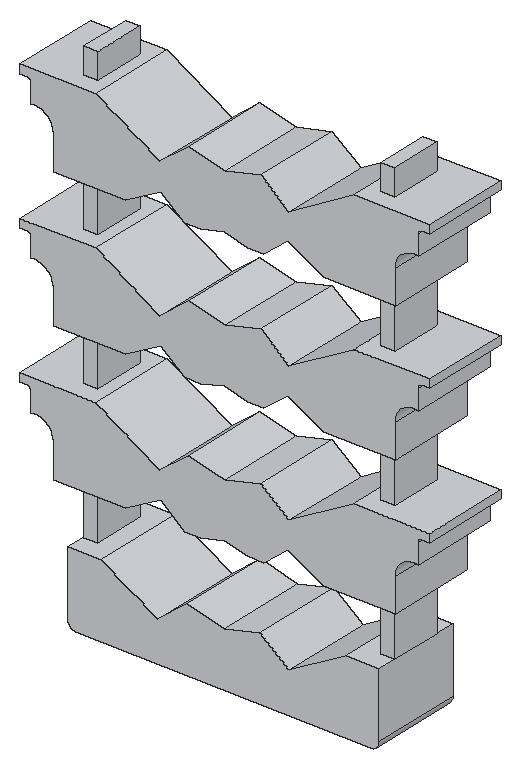
Revit family "550-2113", category Pipe Accessories, Revit 2017
Family settings
  Round Connector Dimension = Use Diameter
  Part Type = Normal
  Work Plane-Based = No
  Always vertical = Yes
  Cut with Voids When Loaded = No
  Shared = No
Parameters
  URL = "WWW.SIOUXCHIEF.COM"
  Spread Distance 3 [instance] = 0.500"
  Spread Distance 2 [instance] = 0.500"
  Spread Distance [instance] = 0.500"
  Model = "550-2113"
  Manufacturer = "SIOUX CHIEF MANUFACTURING, INC."
  Description = "TD+ UNIVERSAL CLAMPS"
Reference planes (in)
  plane 1 "Center (Front/Back)": y = 0
  plane 2: z = 0
  plane 3 "Center (Left/Right)": x = 0
Forms (in)
  Extrusion 1, solid
    sketch origin (0, 0, 0) x (1, 0, 0) y (0, 1, 0)
      loop
        line (-1.4375, 0.24262) -> (-1.4375, -0.24262) -> (-1.3125, -0.24262) -> (-1.3125, 0.24262) -> (-1.4375, 0.24262)
    from 0.679 to 4.75
  Extrusion 2, solid
    sketch origin (0, 0, 0) x (-1, 0, 0) y (0, -1, 0)
      loop
        line (-1.4375, -0.24262) -> (-1.3125, -0.24262) -> (-1.3125, 0.24262) -> (-1.4375, 0.24262) -> (-1.4375, -0.24262)
    from 0.679 to 4.75
  Extrusion 3, solid
    sketch origin (0, 0.39993, 0) x (1, 0, 0) y (0, 0, 1)
      loop
        arc (1.365, 0) -> (1.4162, 0.0212) -> (1.4374, 0.0724) r 0.0724
        line (1.4374, 0.0724) -> (1.4374, 0.679) -> (1.1346, 0.679) -> (0.6041, 0.3762) -> (0.3361, 0.5915) -> (0, 0.50643) -> (-0.3361, 0.5915) -> (-0.6041, 0.3762) -> (-1.1346, 0.679) -> (-1.4374, 0.679) -> (-1.4374, 0.0724)
        arc (-1.4374, 0.0724) -> (-1.4162, 0.0212) -> (-1.365, 0) r 0.0724
        line (-1.365, 0) -> (1.365, 0)
    from -0.02514 to 0.825
  Extrusion 4, solid
    sketch origin (0, 0.25, -0.04989) x (1, 0, 0) y (0, 0, 1)
      loop
        line (-0.00363, 1.28449) -> (0.2179, 1.22889) -> (0.3651, 1.22889) -> (0.5873, 1.41219) -> (0.9151, 1.22889) -> (1.5817, 1.22889) -> (1.5817, 1.54282)
        arc (1.5817, 1.54282) -> (1.64704, 1.67873) -> (1.794, 1.71259) r 0.17403
        line (1.794, 1.71259) -> (1.794, 1.90206)
        arc (1.794, 1.90206) -> (1.80256, 1.92273) -> (1.82323, 1.93129) r 0.02923
        line (1.82323, 1.93129) -> (1.894, 1.93129) -> (1.894, 2.00699) -> (1.1924, 2.00699) -> (0.5952, 1.65979) -> (0.3319, 1.87079) -> (0, 1.78749) -> (-0.3319, 1.87079) -> (-0.5952, 1.65979) -> (-1.1924, 2.00699) -> (-1.894, 2.00699) -> (-1.894, 1.93129) -> (-1.82323, 1.93129)
        arc (-1.82323, 1.93129) -> (-1.80256, 1.92273) -> (-1.794, 1.90206) r 0.02923
        line (-1.794, 1.90206) -> (-1.794, 1.71259)
        arc (-1.794, 1.71259) -> (-1.64704, 1.67873) -> (-1.5817, 1.54282) r 0.17403
        line (-1.5817, 1.54282) -> (-1.5817, 1.22889) -> (-0.9151, 1.22889) -> (-0.5873, 1.41219) -> (-0.3651, 1.22889) -> (-0.2179, 1.22889) -> (0, 1.28357)
    from -0.1625 to 0.6625
  Extrusion 5, solid, not visible
    sketch origin (0, 0.25, 0) x (1, 0, 0) y (0, 0, 1)
      loop
        line (-0.00363, 1.28449) -> (0.2179, 1.22889) -> (0.3651, 1.22889) -> (0.5873, 1.41219) -> (0.9151, 1.22889) -> (1.5817, 1.22889) -> (1.5817, 1.54282)
        arc (1.5817, 1.54282) -> (1.64704, 1.67873) -> (1.794, 1.71259) r 0.17403
        line (1.794, 1.71259) -> (1.794, 1.90206)
        arc (1.794, 1.90206) -> (1.80256, 1.92273) -> (1.82323, 1.93129) r 0.02923
        line (1.82323, 1.93129) -> (1.894, 1.93129) -> (1.894, 2.00699) -> (1.1924, 2.00699) -> (0.5952, 1.65979) -> (0.3319, 1.87079) -> (0, 1.78749) -> (-0.3319, 1.87079) -> (-0.5952, 1.65979) -> (-1.1924, 2.00699) -> (-1.894, 2.00699) -> (-1.894, 1.93129) -> (-1.82323, 1.93129)
        arc (-1.82323, 1.93129) -> (-1.80256, 1.92273) -> (-1.794, 1.90206) r 0.02923
        line (-1.794, 1.90206) -> (-1.794, 1.71259)
        arc (-1.794, 1.71259) -> (-1.64704, 1.67873) -> (-1.5817, 1.54282) r 0.17403
        line (-1.5817, 1.54282) -> (-1.5817, 1.22889) -> (-0.9151, 1.22889) -> (-0.5873, 1.41219) -> (-0.3651, 1.22889) -> (-0.2179, 1.22889) -> (0, 1.28357)
    from -0.1625 to 0.6625
  Extrusion 6, solid, not visible
    sketch origin (0, 0, 0) x (1, 0, 0) y (0, 1, 0)
      loop
        line (-1.4375, 0.24262) -> (-1.4375, -0.24262) -> (-1.3125, -0.24262) -> (-1.3125, 0.24262) -> (-1.4375, 0.24262)
    from 0.679 to 4.75
  Extrusion 7, solid, not visible
    sketch origin (0, 0, 0) x (-1, 0, 0) y (0, -1, 0)
      loop
        line (-1.4375, -0.24262) -> (-1.3125, -0.24262) -> (-1.3125, 0.24262) -> (-1.4375, 0.24262) -> (-1.4375, -0.24262)
    from 0.679 to 4.75
  Extrusion 8, solid, not visible
    sketch origin (0, 0.39993, 0) x (1, 0, 0) y (0, 0, 1)
      loop
        arc (1.365, 0) -> (1.4162, 0.0212) -> (1.4374, 0.0724) r 0.0724
        line (1.4374, 0.0724) -> (1.4374, 0.679) -> (1.1346, 0.679) -> (0.6041, 0.3762) -> (0.3361, 0.5915) -> (0, 0.50643) -> (-0.3361, 0.5915) -> (-0.6041, 0.3762) -> (-1.1346, 0.679) -> (-1.4374, 0.679) -> (-1.4374, 0.0724)
        arc (-1.4374, 0.0724) -> (-1.4162, 0.0212) -> (-1.365, 0) r 0.0724
        line (-1.365, 0) -> (1.365, 0)
    from -0.02514 to 0.825
  Extrusion 9, solid
    sketch origin (0, 0.25, 1.22821) x (1, 0, 0) y (0, 0, 1)
      loop
        line (-0.00363, 1.28449) -> (0.2179, 1.22889) -> (0.3651, 1.22889) -> (0.5873, 1.41219) -> (0.9151, 1.22889) -> (1.5817, 1.22889) -> (1.5817, 1.54282)
        arc (1.5817, 1.54282) -> (1.64704, 1.67873) -> (1.794, 1.71259) r 0.17403
        line (1.794, 1.71259) -> (1.794, 1.90206)
        arc (1.794, 1.90206) -> (1.80256, 1.92273) -> (1.82323, 1.93129) r 0.02923
        line (1.82323, 1.93129) -> (1.894, 1.93129) -> (1.894, 2.00699) -> (1.1924, 2.00699) -> (0.5952, 1.65979) -> (0.3319, 1.87079) -> (0, 1.78749) -> (-0.3319, 1.87079) -> (-0.5952, 1.65979) -> (-1.1924, 2.00699) -> (-1.894, 2.00699) -> (-1.894, 1.93129) -> (-1.82323, 1.93129)
        arc (-1.82323, 1.93129) -> (-1.80256, 1.92273) -> (-1.794, 1.90206) r 0.02923
        line (-1.794, 1.90206) -> (-1.794, 1.71259)
        arc (-1.794, 1.71259) -> (-1.64704, 1.67873) -> (-1.5817, 1.54282) r 0.17403
        line (-1.5817, 1.54282) -> (-1.5817, 1.22889) -> (-0.9151, 1.22889) -> (-0.5873, 1.41219) -> (-0.3651, 1.22889) -> (-0.2179, 1.22889) -> (0, 1.28357)
    from -0.1625 to 0.6625
  Extrusion 10, solid
    sketch origin (0, 0.25, 2.50631) x (1, 0, 0) y (0, 0, 1)
      loop
        line (-0.00363, 1.28449) -> (0.2179, 1.22889) -> (0.3651, 1.22889) -> (0.5873, 1.41219) -> (0.9151, 1.22889) -> (1.5817, 1.22889) -> (1.5817, 1.54282)
        arc (1.5817, 1.54282) -> (1.64704, 1.67873) -> (1.794, 1.71259) r 0.17403
        line (1.794, 1.71259) -> (1.794, 1.90206)
        arc (1.794, 1.90206) -> (1.80256, 1.92273) -> (1.82323, 1.93129) r 0.02923
        line (1.82323, 1.93129) -> (1.894, 1.93129) -> (1.894, 2.00699) -> (1.1924, 2.00699) -> (0.5952, 1.65979) -> (0.3319, 1.87079) -> (0, 1.78749) -> (-0.3319, 1.87079) -> (-0.5952, 1.65979) -> (-1.1924, 2.00699) -> (-1.894, 2.00699) -> (-1.894, 1.93129) -> (-1.82323, 1.93129)
        arc (-1.82323, 1.93129) -> (-1.80256, 1.92273) -> (-1.794, 1.90206) r 0.02923
        line (-1.794, 1.90206) -> (-1.794, 1.71259)
        arc (-1.794, 1.71259) -> (-1.64704, 1.67873) -> (-1.5817, 1.54282) r 0.17403
        line (-1.5817, 1.54282) -> (-1.5817, 1.22889) -> (-0.9151, 1.22889) -> (-0.5873, 1.41219) -> (-0.3651, 1.22889) -> (-0.2179, 1.22889) -> (0, 1.28357)
    from -0.1625 to 0.6625
Dimensions and locks (in)
  locked: Extrusion 1 sketch curve to Extrusion 1 sketch curve at 0.48523
  locked: Extrusion 1 sketch curve to Extrusion 1 sketch curve at 0.125
  Extrusion 2 sketch curve to Extrusion 2 sketch curve = 0.48523"
  locked: Extrusion 2 sketch curve to Extrusion 2 sketch curve at 0.48523
  locked: Extrusion 2 sketch curve to Extrusion 2 sketch curve at 0.125
  equal spacing: Extrusion 3, plane 1 "Center (Front/Back)", Extrusion 3
  locked: Extrusion 1 to level at 4.75
  locked: Extrusion 2 to level at 4.75
  locked: Extrusion 4 to Extrusion 4 at 0.825
  equal spacing: Extrusion 4, plane 1 "Center (Front/Back)", Extrusion 4
  locked: Extrusion 6 sketch curve to Extrusion 6 sketch curve at 0.48523
  locked: Extrusion 6 sketch curve to Extrusion 6 sketch curve at 0.125
  Extrusion 7 sketch curve to Extrusion 7 sketch curve = 0.48523"
  locked: Extrusion 7 sketch curve to Extrusion 7 sketch curve at 0.48523
  locked: Extrusion 7 sketch curve to Extrusion 7 sketch curve at 0.125
  "Spread Distance": Extrusion 3 to Extrusion 4
  locked: Extrusion 9 to Extrusion 9 at 0.825
  Extrusion 9 to Extrusion 9 = 0.825"
  "Spread Distance 2": Extrusion 9 to Extrusion 4
  locked: Extrusion 10 to Extrusion 10 at 0.825
  "Spread Distance 3": Extrusion 10 to Extrusion 9
  aligned and locked: plane 2 to level
  aligned and locked: Extrusion 1 to Extrusion 3
  aligned and locked: Extrusion 2 to Extrusion 3
  aligned and locked: Extrusion 3 to level
Automatic sketch dimensions
  Extrusion 3 sketch curve to Extrusion 3 sketch curve = 0.268"  (x2)
  Extrusion 3 sketch curve to Extrusion 3 sketch curve = 0.5305"  (x2)
  Extrusion 3 sketch curve to Extrusion 3 sketch curve = 0.2304"  (x2)
  Extrusion 3 sketch curve to Extrusion 3 sketch curve = 0.2153"  (x2)
  Extrusion 3 sketch curve to Extrusion 3 sketch curve = 0.3028"  (x2)
  Extrusion 4 sketch curve to Extrusion 4 sketch curve = 0.1472"  (x2)
  Extrusion 4 sketch curve to Extrusion 4 sketch curve = 0.2222"  (x2)
  Extrusion 4 sketch curve to Extrusion 4 sketch curve = 0.0079"  (x2)
  Extrusion 4 sketch curve to Extrusion 4 sketch curve = 0.3278"  (x2)
  Extrusion 4 sketch curve to Extrusion 4 sketch curve = 0.5972"  (x2)
  Extrusion 4 sketch curve to Extrusion 4 sketch curve = 0.6666"  (x2)
  Extrusion 4 sketch curve to Extrusion 4 sketch curve = 0.17403"  (x2)
  Extrusion 4 sketch curve to Extrusion 4 sketch curve = 0.03827"  (x2)
  Extrusion 4 sketch curve to Extrusion 4 sketch curve = 0.02923"  (x2)
  Extrusion 4 sketch curve to Extrusion 4 sketch curve = 0.07077"  (x2)
  Extrusion 4 sketch curve to Extrusion 4 sketch curve = 0.000"  (x3)
  Extrusion 4 sketch curve to Extrusion 4 sketch curve = 0.1833"  (x2)
  Extrusion 4 sketch curve to Extrusion 4 sketch curve = 0.31393"  (x2)
  Extrusion 4 sketch curve to Extrusion 4 sketch curve = 0.2476"  (x2)
  Extrusion 4 sketch curve to Extrusion 4 sketch curve = 0.5586"
  Extrusion 4 sketch curve to Extrusion 4 sketch curve = 0.211"  (x2)
  Extrusion 4 sketch curve to Extrusion 4 sketch curve = 0.18947"  (x2)
  Extrusion 4 sketch curve to Extrusion 4 sketch curve = 0.46417"  (x2)
  Extrusion 4 sketch curve to Extrusion 4 sketch curve = 0.05469"
  Extrusion 3 sketch curve to Extrusion 3 sketch curve = 0.0724"  (x2)
  Extrusion 3 sketch curve to Extrusion 3 sketch curve = 0.3361"  (x2)
  Extrusion 3 sketch curve to Extrusion 3 sketch curve = 0.3038"  (x2)
  Extrusion 3 sketch curve to Extrusion 3 sketch curve = 0.08507"
  Extrusion 4 sketch curve to Extrusion 4 sketch curve = 0.2633"  (x2)
  Extrusion 4 sketch curve to Extrusion 4 sketch curve = 0.3319"
  Extrusion 4 sketch curve to Extrusion 4 sketch curve = 0.4358"
  Extrusion 4 sketch curve to Extrusion 4 sketch curve = 0.21427"
  Extrusion 4 sketch curve to Extrusion 4 sketch curve = 0.00363"
  Extrusion 5 sketch curve to Extrusion 5 sketch curve = 0.1472"  (x2)
  Extrusion 5 sketch curve to Extrusion 5 sketch curve = 0.2222"  (x2)
  Extrusion 5 sketch curve to Extrusion 5 sketch curve = 0.0079"  (x2)
  Extrusion 5 sketch curve to Extrusion 5 sketch curve = 0.3278"  (x2)
  Extrusion 5 sketch curve to Extrusion 5 sketch curve = 0.5972"  (x2)
  Extrusion 5 sketch curve to Extrusion 5 sketch curve = 0.6666"  (x2)
  Extrusion 5 sketch curve to Extrusion 5 sketch curve = 0.17403"  (x2)
  Extrusion 5 sketch curve to Extrusion 5 sketch curve = 0.03827"  (x2)
  Extrusion 5 sketch curve to Extrusion 5 sketch curve = 0.02923"  (x2)
  Extrusion 5 sketch curve to Extrusion 5 sketch curve = 0.07077"  (x2)
  Extrusion 5 sketch curve to Extrusion 5 sketch curve = 0.000"  (x3)
  Extrusion 5 sketch curve to Extrusion 5 sketch curve = 0.1833"  (x2)
  Extrusion 5 sketch curve to Extrusion 5 sketch curve = 0.31393"  (x2)
  Extrusion 5 sketch curve to Extrusion 5 sketch curve = 0.2476"  (x2)
  Extrusion 5 sketch curve to Extrusion 5 sketch curve = 0.5586"
  Extrusion 5 sketch curve to Extrusion 5 sketch curve = 0.211"  (x2)
  Extrusion 5 sketch curve to Extrusion 5 sketch curve = 0.18947"  (x2)
  Extrusion 5 sketch curve to Extrusion 5 sketch curve = 0.46417"  (x2)
  Extrusion 5 sketch curve to Extrusion 5 sketch curve = 0.05469"
  Extrusion 5 sketch curve to Extrusion 5 sketch curve = 0.2633"  (x2)
  Extrusion 5 sketch curve to Extrusion 5 sketch curve = 0.3319"
  Extrusion 5 sketch curve to Extrusion 5 sketch curve = 0.4358"
  Extrusion 5 sketch curve to Extrusion 5 sketch curve = 0.21427"
  Extrusion 5 sketch curve to Extrusion 5 sketch curve = 0.00363"
  Extrusion 8 sketch curve to Extrusion 8 sketch curve = 0.268"  (x2)
  Extrusion 8 sketch curve to Extrusion 8 sketch curve = 0.5305"  (x2)
  Extrusion 8 sketch curve to Extrusion 8 sketch curve = 0.2304"  (x2)
  Extrusion 8 sketch curve to Extrusion 8 sketch curve = 0.2153"  (x2)
  Extrusion 8 sketch curve to Extrusion 8 sketch curve = 0.3028"  (x2)
  Extrusion 8 sketch curve to Extrusion 8 sketch curve = 0.0724"  (x2)
  Extrusion 8 sketch curve to Extrusion 8 sketch curve = 0.3361"  (x2)
  Extrusion 8 sketch curve to Extrusion 8 sketch curve = 0.3038"  (x2)
  Extrusion 8 sketch curve to Extrusion 8 sketch curve = 0.08507"
  Extrusion 9 sketch curve to Extrusion 9 sketch curve = 0.1472"  (x2)
  Extrusion 9 sketch curve to Extrusion 9 sketch curve = 0.2222"  (x2)
  Extrusion 9 sketch curve to Extrusion 9 sketch curve = 0.0079"  (x2)
  Extrusion 9 sketch curve to Extrusion 9 sketch curve = 0.3278"  (x2)
  Extrusion 9 sketch curve to Extrusion 9 sketch curve = 0.5972"  (x2)
  Extrusion 9 sketch curve to Extrusion 9 sketch curve = 0.6666"  (x2)
  Extrusion 9 sketch curve to Extrusion 9 sketch curve = 0.17403"  (x2)
  Extrusion 9 sketch curve to Extrusion 9 sketch curve = 0.03827"  (x2)
  Extrusion 9 sketch curve to Extrusion 9 sketch curve = 0.02923"  (x2)
  Extrusion 9 sketch curve to Extrusion 9 sketch curve = 0.07077"  (x2)
  Extrusion 9 sketch curve to Extrusion 9 sketch curve = 0.000"  (x3)
  Extrusion 9 sketch curve to Extrusion 9 sketch curve = 0.1833"  (x2)
  Extrusion 9 sketch curve to Extrusion 9 sketch curve = 0.31393"  (x2)
  Extrusion 9 sketch curve to Extrusion 9 sketch curve = 0.2476"  (x2)
  Extrusion 9 sketch curve to Extrusion 9 sketch curve = 0.5586"
  Extrusion 9 sketch curve to Extrusion 9 sketch curve = 0.211"  (x2)
  Extrusion 9 sketch curve to Extrusion 9 sketch curve = 0.18947"  (x2)
  Extrusion 9 sketch curve to Extrusion 9 sketch curve = 0.46417"  (x2)
  Extrusion 9 sketch curve to Extrusion 9 sketch curve = 0.05469"
  Extrusion 9 sketch curve to Extrusion 9 sketch curve = 0.2633"  (x2)
  Extrusion 9 sketch curve to Extrusion 9 sketch curve = 0.3319"
  Extrusion 9 sketch curve to Extrusion 9 sketch curve = 0.4358"
  Extrusion 9 sketch curve to Extrusion 9 sketch curve = 0.21427"
  Extrusion 9 sketch curve to Extrusion 9 sketch curve = 0.00363"
  Extrusion 10 sketch curve to Extrusion 10 sketch curve = 0.1472"  (x2)
  Extrusion 10 sketch curve to Extrusion 10 sketch curve = 0.2222"  (x2)
  Extrusion 10 sketch curve to Extrusion 10 sketch curve = 0.0079"  (x2)
  Extrusion 10 sketch curve to Extrusion 10 sketch curve = 0.3278"  (x2)
  Extrusion 10 sketch curve to Extrusion 10 sketch curve = 0.5972"  (x2)
  Extrusion 10 sketch curve to Extrusion 10 sketch curve = 0.6666"  (x2)
  Extrusion 10 sketch curve to Extrusion 10 sketch curve = 0.17403"  (x2)
  Extrusion 10 sketch curve to Extrusion 10 sketch curve = 0.03827"  (x2)
  Extrusion 10 sketch curve to Extrusion 10 sketch curve = 0.02923"  (x2)
  Extrusion 10 sketch curve to Extrusion 10 sketch curve = 0.07077"  (x2)
  Extrusion 10 sketch curve to Extrusion 10 sketch curve = 0.000"  (x3)
  Extrusion 10 sketch curve to Extrusion 10 sketch curve = 0.1833"  (x2)
  Extrusion 10 sketch curve to Extrusion 10 sketch curve = 0.31393"  (x2)
  Extrusion 10 sketch curve to Extrusion 10 sketch curve = 0.2476"  (x2)
  Extrusion 10 sketch curve to Extrusion 10 sketch curve = 0.5586"
  Extrusion 10 sketch curve to Extrusion 10 sketch curve = 0.211"  (x2)
  Extrusion 10 sketch curve to Extrusion 10 sketch curve = 0.18947"  (x2)
  Extrusion 10 sketch curve to Extrusion 10 sketch curve = 0.46417"  (x2)
  Extrusion 10 sketch curve to Extrusion 10 sketch curve = 0.05469"
  Extrusion 10 sketch curve to Extrusion 10 sketch curve = 0.2633"  (x2)
  Extrusion 10 sketch curve to Extrusion 10 sketch curve = 0.3319"
  Extrusion 10 sketch curve to Extrusion 10 sketch curve = 0.4358"
  Extrusion 10 sketch curve to Extrusion 10 sketch curve = 0.21427"
  Extrusion 10 sketch curve to Extrusion 10 sketch curve = 0.00363"
